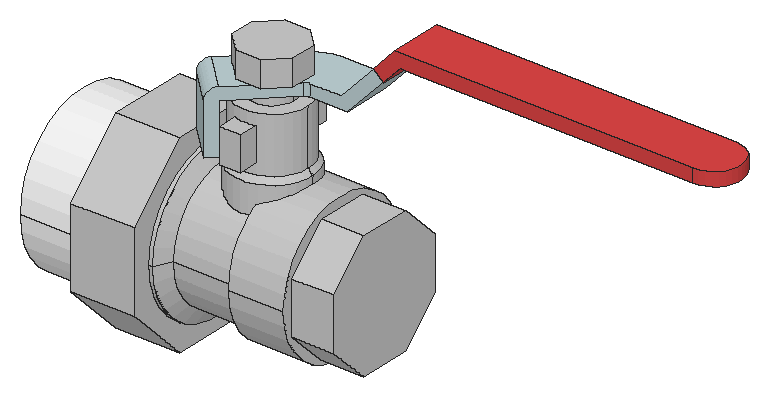
Revit family "PA_Арматура трубопроводов [кран шаровой латунный с переходом на полипропиленовую трубу VTp.742.0] - VALTEC", category Арматура трубопроводов, Revit 2019
Family settings
  Размер круглого соединителя = Использовать диаметр
  Тип детали = Клапан - Вставляется
  На основе рабочей плоскости = Нет
  Всегда вертикально = Да
  При загрузке вырезать с полостями = Нет
  Общий = Нет
Parameters (values of type "40 х 1 1/4"")
  Таблица = "PA_Арматура трубопроводов [кран шаровой латунный с переходом на полипропиленовую трубу VTp.742.0] - VALTEC"  # constant formula
  Пользовательский [instance] = no
  Manufacturer = ""
  h = size_lookup(Таблица, "h", 0 mm, D1, D2)  # 35.4 mm
  b7 = size_lookup(Таблица, "b7", 0 mm, D1, D2)  # 11.3 mm
  b6 = size_lookup(Таблица, "b6", 0 mm, D1, D2)  # 8.6 mm
  b5 = size_lookup(Таблица, "b5", 0 mm, D1, D2)  # 3.9 mm
  b4 = size_lookup(Таблица, "b4", 0 mm, D1, D2)  # 3.1 mm
  b3 = size_lookup(Таблица, "b3", 0 mm, D1, D2)  # 18.5 mm
  b2 = size_lookup(Таблица, "b2", 0 mm, D1, D2)  # 1.9 mm
  d7 = size_lookup(Таблица, "d7", 0 mm, D1, D2)  # 20.4 mm
  d6 = size_lookup(Таблица, "d6", 0 mm, D1, D2)  # 14.2 mm
  a9 = size_lookup(Таблица, "a9", 0 mm, D1, D2)  # 3.5 mm
  a7 = size_lookup(Таблица, "a7", 0 mm, D1, D2)  # 1.6 mm
  dn = size_lookup(Таблица, "dn", 0 mm, D1, D2)  # 53.4 mm
  a6 = size_lookup(Таблица, "a6", 0 mm, D1, D2)  # 2.7 mm
  a5 = size_lookup(Таблица, "a5", 0 mm, D1, D2)  # 16.1 mm
  a4 = size_lookup(Таблица, "a4", 0 mm, D1, D2)  # 3.3 mm
  a3 = size_lookup(Таблица, "a3", 0 mm, D1, D2)  # 1.3 mm
  a2 = size_lookup(Таблица, "a2", 0 mm, D1, D2)  # 18.3 mm
  a1 = size_lookup(Таблица, "a1", 0 mm, D1, D2)  # 14.4 mm
  a8 = size_lookup(Таблица, "a8", 0 mm, D1, D2)  # 21.1 mm
  b1 = size_lookup(Таблица, "b1", 0 mm, D1, D2)  # 26.6 mm
  d5 = size_lookup(Таблица, "d5", 0 mm, D1, D2)  # 23.7 mm
  d1 = size_lookup(Таблица, "d1", 0 mm, D1, D2)  # 48.4 mm
  d4 = size_lookup(Таблица, "d4", 0 mm, D1, D2)  # 26.5 mm
  d2 = size_lookup(Таблица, "d2", 0 mm, D1, D2)  # 42.9 mm
  d3 = size_lookup(Таблица, "d3", 0 mm, D1, D2)  # 52.8 mm
  S2 = size_lookup(Таблица, "S2", 0 mm, D1, D2)  # 42 mm
  D2 = 40 mm
  D1 = 32 mm
  URL = "https://valtec.ru/"
  S1 = size_lookup(Таблица, "S1", 0 mm, D1, D2)  # 64 mm
  C = size_lookup(Таблица, "C", 0 mm, D1, D2)  # 116 mm
  B = size_lookup(Таблица, "B", 0 mm, D1, D2)  # 60 mm
  ADSK_Расход жидкости [instance] = 0.0 L/s
  ADSK_Примечание [instance] = ""
  ADSK_Потеря давления жидкости [instance] = 0.0 Pa
  ADSK_Позиция [instance] = ""
  ADSK_Обозначение [instance] = "VTp.742.0"  # constant formula
  ADSK_Наименование [instance] = size_lookup(Таблица, "", "Данный типоразмер отсутствует", D1, D2)  # "Кран шаровой латунный с переходом на полипропиленовую трубу,  40 х 1 1/4\""
  Материал доп.1 = Белый - VALTEC
  ADSK_Материал = Сталь, нержавеющая - VALTEC
  ADSK_Масса [instance] = size_lookup(Таблица, "Масса", 0, D1, D2)  # 0.738
  ADSK_Марка [instance] = size_lookup(Таблица, "Маркировка", "Данный типоразмер отсутствует", D1, D2)  # "VTp.742.0"
  ADSK_Код изделия [instance] = size_lookup(Таблица, "Код продукта", "Данный типоразмер отсутствует", D1, D2)  # "VTp.742.0.04007"
  ADSK_Завод-изготовитель [instance] = "VALTEC"  # constant formula
  ADSK_Единица измерения [instance] = "шт."  # constant formula
  ADSK_URL страницы изделия = "https://valtec.ru/catalog/sistemy_polipropilenovyh_truboprovodov/armatura_dlya_polipropilenovyh_truboprovodov/kran_sharovoj_latunnyj_s_perehodom_na_polipropilenovuyu_trubu_vtp7420.html"
  ADSK_URL документации изделия = "https://valtec.ru/document/technical/VTp.742-0519.pdf"
  A = size_lookup(Таблица, "A", 0 mm, D1, D2)  # 100 mm
Types (5, lengths in mm): name | h | b7 | b6 | b5 | b4 | b3 | b2 | d7 | d6 | a9 | a7 | dn | a6 | a5 | a4 | a3 | a2 | a1 | a8 | b1 | d5 | d1 | d4 | d2 | d3 | S2 | D2 | D1 | S1 | C | B | ADSK_Наименование | ADSK_Масса | ADSK_Код изделия | A
  (no name) | 35.4 | 11.3 | 8.6 | 3.9 | 3.1 | 18.5 | 1.9 | 20.4 | 14.2 | 3.5 | 1.6 | 53.4 | 2.7 | 16.1 | 3.3 | 1.3 | 18.3 | 14.4 | 21.1 | 26.6 | 23.7 | 48.4 | 26.5 | 42.9 | 52.8 | 42 | 40 | 32 | 64 | 116 | 60 | "Кран шаровой латунный с переходом на полипропиленовую трубу,  40 х 1 1/4\"" | 0.738 | "VTp.742.0.04007" | 100
  20 х 1/2" | 20.2 | 6.8 | 5.2 | 2.4 | 1.8 | 11.1 | 1.1 | 11.7 | 8.1 | 2.3 | 1 | 26.8 | 1.7 | 10.5 | 2.2 | 0.9 | 11.9 | 9.3 | 13.7 | 16 | 13.5 | 27.6 | 15.1 | 24.5 | 30.1 | 25 | 20 | 15 | 36.5 | 91 | 36 | "Кран шаровой латунный с переходом на полипропиленовую трубу,  20 х 1/2\"" | 0.22 | "VTp.742.0.02004" | 65
  25 х 3/4" | 25.2 | 7.9 | 6 | 2.7 | 2.1 | 13 | 1.3 | 14.5 | 10.1 | 2.6 | 1.1 | 33.4 | 2 | 11.8 | 2.4 | 1 | 13.4 | 10.5 | 15.4 | 18.6 | 16.9 | 34.4 | 18.9 | 30.5 | 37.5 | 30.5 | 25 | 20 | 45.5 | 91 | 42 | "Кран шаровой латунный с переходом на полипропиленовую трубу,  25 х 3/4\"" | 0.388 | "VTp.742.0.02505" | 73
  32 х 1" | 30.7 | 9.4 | 7.2 | 3.3 | 2.5 | 15.4 | 1.6 | 17.7 | 12.3 | 2.9 | 1.3 | 42.8 | 2.2 | 13.4 | 2.8 | 1.1 | 15.2 | 11.9 | 17.5 | 22.2 | 20.6 | 42 | 23 | 37.2 | 45.8 | 37 | 32 | 25 | 55.5 | 116 | 50 | "Кран шаровой латунный с переходом на полипропиленовую трубу,  32 х 1\"" | 0.543 | "VTp.742.0.03206" | 83
  40 х 1 1/4" | 35.4 | 11.3 | 8.6 | 3.9 | 3.1 | 18.5 | 1.9 | 20.4 | 14.2 | 3.5 | 1.6 | 53.4 | 2.7 | 16.1 | 3.3 | 1.3 | 18.3 | 14.4 | 21.1 | 26.6 | 23.7 | 48.4 | 26.5 | 42.9 | 52.8 | 42 | 40 | 32 | 64 | 116 | 60 | "Кран шаровой латунный с переходом на полипропиленовую трубу,  40 х 1 1/4\"" | 0.738 | "VTp.742.0.04007" | 100
Reference planes
  plane 1 "По центру (Вперед/Назад)": y = 0
  plane 2: z = 0
  plane 3 "По центру (Влево/Вправо)": x = 0
  plane 4: x = 37.3
  plane 5: x = -62.7
  plane 6: z = -32
  plane 7: z = 32
  plane 8: y = 32
  plane 9: y = -32
  plane 10: x = -20.4
  plane 11: x = -18.8
  plane 12: x = -16.1
  plane 13: x = 22.9
  plane 14: x = 4.6
  plane 15: x = 3.3
  plane 16: x = -2.3
  plane 17: z = 26.6
  plane 18: z = 28.5
  plane 19: z = 47
  plane 20: z = 50.1
  plane 21: z = 54
  plane 22: z = 62.6
  plane 23: z = 43.3
  plane 24 "a8-l": x = -3.5
  plane 25 "a8-r": x = 3.5
  plane 26: y = -17.7
  plane 27: y = 17.7
  plane 28: x = -41.5
Forms (mm)
  Extrusion 1, solid, material "Белый - VALTEC" <- "Материал доп.1", detail levels medium+fine
    sketch origin (0, 0, 0) x (0, 1, 0) y (0, 0, 1)
      loop
        circle (0, 0) r 26.7
    from -41.5 to -62.7
  Extrusion 2, solid, material "Сталь, нержавеющая - VALTEC" <- "ADSK_Материал", detail levels medium+fine
    sketch origin (0, 0, 0) x (0, 1, 0) y (0, 0, 1)
      loop
        circle (0, 0) r 26.4
    from -20.4 to -18.8
  Extrusion 3, solid, material "Сталь, нержавеющая - VALTEC" <- "ADSK_Материал", detail levels medium+fine
    sketch origin (0, 0, 0) x (0, 1, 0) y (0, 0, 1)
      loop
        circle (0, 0) r 24.2
    from 4.6 to 22.9
  Blend 4, solid, material "Сталь, нержавеющая - VALTEC" <- "ADSK_Материал", detail levels medium+fine
    base sketch origin (0, 0, 0) x (0, 1, 0) y (0, 0, 1)
      loop
        circle (0, 0) r 26.4
    top sketch origin (0, 0, 0) x (0, 1, 0) y (0, 0, 1)
      loop
        circle (0, 0) r 21.45
    from -18.8 to -16.1
  Blend 5, solid, material "Сталь, нержавеющая - VALTEC" <- "ADSK_Материал", detail levels medium+fine
    base sketch origin (0, 0, 0) x (0, 1, 0) y (0, 0, -1)
      loop
        circle (0, 0) r 21.45
    top sketch origin (0, 0, 0) x (0, 1, 0) y (0, 0, -1)
      loop
        circle (0, 0) r 24.2
    from -3.3 to -4.6
  Extrusion 6, solid, material "Сталь, нержавеющая - VALTEC" <- "ADSK_Материал", detail levels medium+fine
    sketch origin (0, 0, 0) x (0, 1, 0) y (0, 0, 1)
      loop
        circle (0, 0) r 21.45
    from -16.1 to 3.3
  Extrusion 7, solid, material "Сталь, нержавеющая - VALTEC" <- "ADSK_Материал", detail levels medium+fine
    sketch origin (0, 0, 0) x (1, 0, 0) y (0, 1, 0)
      loop
        circle (0, 0) r 13.25
    from 0 to 26.6
  Blend 8, solid, material "Сталь, нержавеющая - VALTEC" <- "ADSK_Материал", detail levels medium+fine
    base sketch origin (0, 0, 0) x (1, 0, 0) y (0, 1, 0)
      loop
        circle (0, 0) r 13.25
    top sketch origin (0, 0, 0) x (1, 0, 0) y (0, 1, 0)
      loop
        circle (0, 0) r 11.85
    from 26.6 to 28.5
  Extrusion 9, solid, material "Сталь, нержавеющая - VALTEC" <- "ADSK_Материал", detail levels medium+fine
    sketch origin (0, 0, 0) x (1, 0, 0) y (0, 1, 0)
      loop
        circle (0, 0) r 11.85
    from 28.5 to 47
  Extrusion 10, solid, material "Сталь, нержавеющая - VALTEC" <- "ADSK_Материал", detail levels medium+fine
    sketch origin (0, 0, 0) x (1, 0, 0) y (0, 1, 0)
      loop
        circle (0, 0) r 7.1
    from 47 to 50.1
  Extrusion 11, solid, material "Сталь, нержавеющая - VALTEC" <- "ADSK_Материал", detail levels medium+fine
    sketch origin (0, 0, 0) x (1, 0, 0) y (0, 0, 1)
      loop
        line (-3.5, 43.3) -> (-3.5, 32) -> (3.5, 32) -> (3.5, 43.3) -> (-3.5, 43.3)
    from -17.7 to 17.7
Cuts and joins
  joined: Extrusion 2, Extrusion 3, Blend 4, Blend 5, Extrusion 6, Extrusion 7, Blend 8, Extrusion 9, Extrusion 10, Extrusion 11
Lines and regions (mm)
  model lines, detail levels coarse
    curve 1: line (37.3, -32, 0) -> (-62.7, 32, 0)
    curve 2: line (37.3, 32, 0) -> (-62.7, -32, 0)
    curve 3: line (-62.7, 32, 0) -> (-62.7, -32, 0)
    curve 4: line (37.3, 32, 0) -> (37.3, -32, 0)
  symbolic lines, detail levels coarse
    curve 5: line (37.3, 0, -32) -> (-62.7, 0, 32)
    curve 6: line (37.3, 0, 32) -> (-62.7, 0, -32)
    curve 7: line (-62.7, 0, -32) -> (-62.7, 0, 32)
    curve 8: line (37.3, 0, -32) -> (37.3, 0, 32)
  reference lines
    curve 9: line (-62.7, 0, 0) -> (37.3, 0, 0)
Dimensions and locks
  equal spacing: plane 8, plane 1 "По центру (Вперед/Назад)", plane 9
  "S1": plane 8 to plane 9
  "A": plane 5 to plane 4
  equal spacing: plane 7, plane 2, plane 6
  "S1": plane 7 to plane 6
  "b2": plane 18 to plane 17
  "b3": plane 19 to plane 18
  "b4": plane 20 to plane 19
  "b5": plane 21 to plane 20
  "b6": plane 22 to plane 21
  "b1": plane 17 to plane 2
  "a9": plane 24 "a8-l" to plane 3 "По центру (Влево/Вправо)"
  "a9": plane 3 "По центру (Влево/Вправо)" to plane 25 "a8-r"
  equal spacing: plane 26, plane 1 "По центру (Вперед/Назад)", plane 27
  "h": plane 26 to plane 27
  "b7": plane 23 to plane 7
  "a1": plane 13 to plane 4
  "a2": plane 13 to plane 14
  "a3": plane 14 to plane 15
  "a6": plane 11 to plane 12
  "a7": plane 10 to plane 11
  "a5": plane 3 "По центру (Влево/Вправо)" to plane 12
  "a8": plane 28 to plane 10
  "a4": plane 15 to plane 3 "По центру (Влево/Вправо)"
  "dn": diameter of Extrusion 1 sketch curve
  "d3": diameter of Extrusion 2 sketch curve
  "d1": diameter of Extrusion 3 sketch curve
  "d3": diameter of Blend 4 sketch curve
  "d2": diameter of Blend 4 sketch curve
  "d2": diameter of Blend 5 sketch curve
  "d1": diameter of Blend 5 sketch curve
  "d2": diameter of Extrusion 6 sketch curve
  "d4": diameter of Extrusion 7 sketch curve
  "d4": diameter of Blend 8 sketch curve
  "d5": diameter of Blend 8 sketch curve
  "d5": diameter of Extrusion 9 sketch curve
  "d6": diameter of Extrusion 10 sketch curve
  aligned and locked: level to plane 2
  aligned and locked: plane 2 to Extrusion 1 sketch curve
  aligned and locked: plane 1 "По центру (Вперед/Назад)" to Extrusion 1 sketch curve
  aligned and locked: nested 2 to plane 1 "По центру (Вперед/Назад)"
  aligned and locked: plane 2 to nested 2
  aligned and locked: plane 2 to nested 1
  aligned and locked: nested 1 to plane 1 "По центру (Вперед/Назад)"
  aligned and locked: plane 2 to Extrusion 2 sketch curve
  aligned and locked: plane 1 "По центру (Вперед/Назад)" to Extrusion 2 sketch curve
  aligned and locked: plane 2 to Extrusion 3 sketch curve
  aligned and locked: plane 1 "По центру (Вперед/Назад)" to Extrusion 3 sketch curve
  aligned and locked: plane 2 to Blend 4 sketch curve  (x2)
  aligned and locked: plane 1 "По центру (Вперед/Назад)" to Blend 4 sketch curve  (x2)
  aligned and locked: plane 2 to Blend 5 sketch curve  (x2)
  aligned and locked: plane 1 "По центру (Вперед/Назад)" to Blend 5 sketch curve  (x2)
  aligned and locked: plane 2 to Extrusion 6 sketch curve
  aligned and locked: plane 1 "По центру (Вперед/Назад)" to Extrusion 6 sketch curve
  aligned and locked: plane 1 "По центру (Вперед/Назад)" to Extrusion 7 sketch curve
  aligned and locked: plane 3 "По центру (Влево/Вправо)" to Extrusion 7 sketch curve
  aligned and locked: Extrusion 7 to plane 2
  aligned and locked: Extrusion 7 to plane 17
  aligned and locked: plane 1 "По центру (Вперед/Назад)" to Blend 8 sketch curve  (x2)
  aligned and locked: plane 3 "По центру (Влево/Вправо)" to Blend 8 sketch curve  (x2)
  aligned and locked: plane 1 "По центру (Вперед/Назад)" to Extrusion 9 sketch curve
  aligned and locked: plane 3 "По центру (Влево/Вправо)" to Extrusion 9 sketch curve
  aligned and locked: plane 17 to Blend 8
  aligned and locked: Blend 8 to plane 18
  aligned and locked: plane 18 to Extrusion 9
  aligned and locked: Extrusion 9 to plane 19
  aligned and locked: plane 1 "По центру (Вперед/Назад)" to Extrusion 10 sketch curve
  aligned and locked: plane 3 "По центру (Влево/Вправо)" to Extrusion 10 sketch curve
  aligned and locked: plane 19 to Extrusion 10
  aligned and locked: Extrusion 10 to plane 20
  aligned and locked: plane 1 "По центру (Вперед/Назад)" to nested 3
  aligned and locked: plane 3 "По центру (Влево/Вправо)" to nested 3
  aligned and locked: plane 21 to nested 3
  aligned and locked: plane 25 "a8-r" to Extrusion 11 sketch curve
  aligned and locked: plane 23 to Extrusion 11 sketch curve
  aligned and locked: Extrusion 11 sketch curve to plane 24 "a8-l"
  aligned and locked: plane 27 to Extrusion 11
  aligned and locked: plane 26 to Extrusion 11
  aligned and locked: plane 7 to cut or joined group 1 (Extrusion 2, Extrusion 3, Blend 4, Blend 5, Extrusion 6, Extrusion 7, Blend 8, Extrusion 9, Extrusion 10, Extrusion 11)
  aligned and locked: plane 9 to curve 1
  aligned and locked: plane 4 to curve 1
  aligned and locked: plane 4 to curve 2
  aligned and locked: plane 8 to curve 2
  aligned and locked: plane 5 to curve 1
  aligned and locked: plane 8 to curve 1
  aligned and locked: plane 5 to curve 2
  aligned and locked: plane 9 to curve 2
  aligned and locked: nested 2 to plane 4
  aligned and locked: Extrusion 1 to plane 28
  aligned and locked: plane 5 to Extrusion 1
  aligned and locked: cut or joined group 1 to plane 11
  aligned and locked: plane 10 to cut or joined group 1
  aligned and locked: plane 28 to nested 1
  aligned and locked: plane 11 to cut or joined group 1
  aligned and locked: cut or joined group 1 to plane 12
  aligned and locked: plane 12 to cut or joined group 1
  aligned and locked: plane 15 to cut or joined group 1
  aligned and locked: cut or joined group 1 to plane 15
  aligned and locked: plane 14 to cut or joined group 1
  aligned and locked: cut or joined group 1 to plane 14
  aligned and locked: plane 13 to cut or joined group 1
  aligned and locked: plane 1 "По центру (Вперед/Назад)" to nested 4
  aligned and locked: plane 3 "По центру (Влево/Вправо)" to nested 4
  aligned and locked: nested 4 to plane 21
  aligned and locked: plane 7 to curve 5
  aligned and locked: plane 5 to curve 5
  aligned and locked: plane 4 to curve 5
  aligned and locked: plane 6 to curve 5
  aligned and locked: plane 4 to curve 6
  aligned and locked: plane 6 to curve 7
  aligned and locked: curve 7 to plane 5
  aligned and locked: plane 7 to curve 8
  aligned and locked: plane 5 to curve 9
  aligned and locked: plane 4 to curve 9
  aligned and locked: curve 9 to plane 2
Automatic sketch dimensions
  plane 25 "a8-r" to Extrusion 11 sketch curve = 0 mm
  Extrusion 11 sketch curve to plane 18 = 3.5 mm
Nested families
  nested 1: "Гайка - горизонталь" at (-30.95, 0, 0) x (1, 0, 0) z (0, 0.9239, 0.3827), d <- "S1", l <- "a8", ADSK_Материал <- "ADSK_Материал", type "Гайка - горизонталь", detail levels medium+fine
    with l2 16.88 mm, l 21.1 mm, d2 51.2 mm, d 64 mm, ADSK_Материал Сталь, нержавеющая - VALTEC
  nested 2: "Гайка - горизонталь" at (30.1, 0, 0) x (1, 0, 0) z (0, 0.9239, 0.3827), d <- "S2", l <- "a1", ADSK_Материал <- "ADSK_Материал", type "Гайка - горизонталь", detail levels medium+fine
    with l2 11.52 mm, l 14.4 mm, d2 33.6 mm, d 42 mm, ADSK_Материал Сталь, нержавеющая - VALTEC
  nested 3: "Гайка - вертикаль" at (0, 0, 54) x (0.3827, 0.9239, 0) z (0, 0, 1), ADSK_Материал <- "ADSK_Материал", d <- "d7", h <- "b6", type "Гайка - вертикаль", detail levels medium+fine
    with h 8.6 mm, d 20.4 mm, ADSK_Материал Сталь, нержавеющая - VALTEC
  nested 4: "Ручка VALTEC" at (0, 0, 49.9), d1 <- "D1", d2 <- "D2", type "Ручка", detail levels medium+fine
    with r3 8.85 mm, r2 11.6 mm, r1 35.7 mm, l7 97.5 mm, l6 5.7 mm, l5 12.6 mm, l4 3.1 mm, l3 21.8 mm, l2 7.2 mm, l1 14.9 mm, h2 16.9 mm, h1 19.9 mm, d2 40 mm, d1 32 mm, b4 4.5 mm, b3 4.1 mm, b2 17.7 mm, b1 16.1 mm
Connectors
  piping at (-62.7, 0, 0), diameter 40, driven by "D2", driven by "ADSK_Расход жидкости", driven by "ADSK_Потеря давления жидкости"
    settings: on curve 9, index 1, connector inside diameter 609.6 mm, connector length 0 mm, flow factor 0, pipe flow 0.0 L/s, pressure drop 0.0 Pa, fitting loss kfactor 0, connector angle 0.00°, fixture units 0, engagement length 0 mm, angle of deflection 0.00°, flow configuration 0, flow direction 0, fitting loss method 4, system type 29, joint type 0, gender type 0, connector reference index 2, connector utility 0, adjustable connector no, is connector primary yes, connector description ""
  piping at (37.3, 0, 0), diameter 32, driven by "D1", driven by "ADSK_Расход жидкости"
    settings: on curve 9, index 2, connector inside diameter 609.6 mm, connector length 0 mm, flow factor 0, pipe flow 0.0 L/s, pressure drop 0.0 Pa, fitting loss kfactor 0, connector angle 0.00°, fixture units 0, engagement length 0 mm, angle of deflection 0.00°, flow configuration 0, flow direction 0, fitting loss method 0, system type 29, joint type 0, gender type 0, connector reference index 1, connector utility 0, adjustable connector no, is connector primary no, connector description ""
Definition of nested family "Гайка - горизонталь"
  Parameters (values of type "Гайка - горизонталь")
    l2 [instance] = l * 80 / 100  # 509.92 mm
    d2 [instance] = d * 80 / 100  # 471.105 mm
    d [instance] = 588.881 mm
    l [instance] = 637.4 mm
    ADSK_Материал [instance] = none
  Reference planes
    plane 1 "По центру (Вперед/Назад)": y = 0
    plane 2: z = 0
    plane 3 "По центру (Влево/Вправо)": x = 0
    plane 4: y = 294.44
    plane 5: y = -294.44
    plane 6: through (0, -912.519, 2972.425) normal (0, -0.9239, -0.3827)
    plane 7: through (0, -1234.338, 2979.956) normal (0, -0.9239, -0.3827)
    plane 8: through (0, -1556.157, 2987.486) normal (0, -0.9239, -0.3827)
    plane 9: through (0, 1234.338, 2979.956) normal (0, -0.9239, 0.3827)
    plane 10: through (0, -2420.114, 1321.144) normal (0, -0.3827, -0.9239)
    plane 11: through (0, -2532.792, 1049.117) normal (0, -0.3827, -0.9239)
    plane 12: through (0, -2645.469, 777.089) normal (0, -0.3827, -0.9239)
    plane 13: through (0, 2420.114, 1321.144) normal (0, -0.3827, 0.9239)
    plane 14: through (0, 2532.792, 1049.117) normal (0, -0.3827, 0.9239)
    plane 15: through (0, 2645.469, 777.089) normal (0, -0.3827, 0.9239)
    plane 16: through (0, 912.519, 2972.425) normal (0, -0.9239, 0.3827)
    plane 17: through (0, 1234.338, 2979.956) normal (0, -0.9239, 0.3827)
    plane 18: through (0, 1556.157, 2987.486) normal (0, -0.9239, 0.3827)
    plane 19: x = 318.7
    plane 20: x = -318.7
  Forms (mm)
    Extrusion 1, solid, material <- "ADSK_Материал"
      sketch origin (0, 0, 0) x (0, 1, 0) y (0, 0, 1)
        loop
          line (0, 318.7) -> (-225.355, 225.355) -> (-318.7, 0) -> (-225.355, -225.355) -> (0, -318.7) -> (225.355, -225.355) -> (318.7, 0) -> (225.355, 225.355) -> (0, 318.7)
      from -318.7 to 318.7
  Lines and regions (mm)
    reference lines
      curve 1: line (0, -112.677, -272.027) -> (0, 112.677, 272.027)
      curve 2: line (0, -272.027, 112.677) -> (0, 272.027, -112.677)
      curve 3: line (-254.96, 0, 0) -> (254.96, 0, 0)
      curve 4: line (-318.7, 235.552, 0) -> (-318.7, -235.552, 0)
  Dimensions and locks
    equal spacing: plane 4, plane 1 "По центру (Вперед/Назад)", plane 5
    "d": plane 4 to plane 5
    equal spacing: plane 8, plane 7, plane 6
    "d": plane 8 to plane 6
    equal spacing: plane 12, plane 11, plane 10
    "d": plane 12 to plane 10
    equal spacing: plane 15, plane 14, plane 13
    "d": plane 15 to plane 13
    equal spacing: plane 18, plane 17, plane 16
    "d": plane 18 to plane 16
    equal spacing: plane 20, plane 3 "По центру (Влево/Вправо)", plane 19
    "l": plane 20 to plane 19
    equal spacing: curve 3, plane 3 "По центру (Влево/Вправо)", curve 3
    "l2": curve 3 to curve 3
    equal spacing: curve 4, plane 1 "По центру (Вперед/Назад)", curve 4
    "d2": curve 4 to curve 4
    aligned and locked: level to plane 2
    aligned and locked: plane 10 to Extrusion 1 sketch curve
    aligned and locked: plane 13 to Extrusion 1 sketch curve
    aligned and locked: plane 16 to Extrusion 1 sketch curve
    aligned and locked: Extrusion 1 sketch curve to plane 8
    aligned and locked: Extrusion 1 sketch curve to plane 12
    aligned and locked: Extrusion 1 sketch curve to plane 15
    aligned and locked: Extrusion 1 sketch curve to plane 18
    aligned and locked: plane 6 to Extrusion 1 sketch curve
    aligned and locked: plane 19 to Extrusion 1
    aligned and locked: plane 20 to Extrusion 1
    aligned and locked: Extrusion 1 to plane 19
    aligned and locked: plane 16 to curve 2
    aligned and locked: plane 18 to curve 2
    aligned and locked: curve 2 to plane 11
    aligned and locked: plane 12 to curve 1
    aligned and locked: plane 10 to curve 1
    aligned and locked: curve 1 to plane 17
    aligned and locked: plane 1 "По центру (Вперед/Назад)" to curve 3
    aligned and locked: plane 20 to curve 4
Definition of nested family "Гайка - вертикаль"
  Parameters (values of type "Гайка - вертикаль")
    h [instance] = 7.5 mm
    d [instance] = 11.918 mm
    ADSK_Материал [instance] = none
  Reference planes
    plane 1 "По центру (Вперед/Назад)": y = 0
    plane 2: z = 0
    plane 3 "По центру (Влево/Вправо)": x = 0
    plane 4: x = -6.45
    plane 5: x = 6.45
    plane 6: through (737.894, 1797.006, 1200) normal (0.9239, -0.3827, 0)
    plane 7: through (765.367, 1847.759, 1200) normal (0.9239, -0.3827, 0)
    plane 8: through (792.839, 1898.512, 1200) normal (0.9239, -0.3827, 0)
    plane 9: through (-737.894, 1797.006, 1200) normal (0.9239, 0.3827, 0)
    plane 10: through (-765.367, 1847.759, 1200) normal (0.9239, 0.3827, 0)
    plane 11: through (-792.839, 1898.512, 1200) normal (0.9239, 0.3827, 0)
    plane 12: through (1845.479, 770.872, 1200) normal (0.3827, -0.9239, 0)
    plane 13: through (1847.759, 765.367, 1200) normal (0.3827, -0.9239, 0)
    plane 14: through (1850.039, 759.861, 1200) normal (0.3827, -0.9239, 0)
    plane 15: through (-1845.479, 770.872, 1200) normal (0.3827, 0.9239, 0)
    plane 16: through (-1847.759, 765.367, 1200) normal (0.3827, 0.9239, 0)
    plane 17: through (-1850.039, 759.861, 1200) normal (0.3827, 0.9239, 0)
    plane 18: z = 7.5
  Forms (mm)
    Extrusion 1, solid, material <- "ADSK_Материал"
      sketch origin (0, 0, 0) x (1, 0, 0) y (0, 1, 0)
        loop
          line (0, 6.45) -> (-4.561, 4.561) -> (-6.45, 0) -> (-4.561, -4.561) -> (0, -6.45) -> (4.561, -4.561) -> (6.45, 0) -> (4.561, 4.561) -> (0, 6.45)
      from 0 to 7.5
  Lines and regions (mm)
    reference lines
      curve 1: line (-5.505, -2.28, 0) -> (5.505, 2.28, 0)
      curve 2: line (-2.28, 5.505, 0) -> (2.28, -5.505, 0)
  Dimensions and locks
    equal spacing: plane 4, plane 3 "По центру (Влево/Вправо)", plane 5
    locked: plane 4 to plane 5 at 12.9
    equal spacing: plane 6, plane 7, plane 8
    "d": plane 6 to plane 8
    equal spacing: plane 9, plane 10, plane 11
    "d": plane 9 to plane 11
    equal spacing: plane 12, plane 13, plane 14
    "d": plane 12 to plane 14
    equal spacing: plane 15, plane 16, plane 17
    "d": plane 15 to plane 17
    "h": plane 18 to plane 2
    aligned and locked: level to plane 2
    aligned and locked: plane 12 to Extrusion 1 sketch curve
    aligned and locked: plane 15 to Extrusion 1 sketch curve
    aligned and locked: plane 9 to Extrusion 1 sketch curve
    aligned and locked: Extrusion 1 sketch curve to plane 8
    aligned and locked: Extrusion 1 sketch curve to plane 14
    aligned and locked: Extrusion 1 sketch curve to plane 17
    aligned and locked: Extrusion 1 sketch curve to plane 11
    aligned and locked: plane 6 to Extrusion 1 sketch curve
    aligned and locked: plane 18 to Extrusion 1
    aligned and locked: plane 12 to curve 2
    aligned and locked: plane 14 to curve 2
    aligned and locked: plane 9 to curve 1
    aligned and locked: plane 11 to curve 1
    aligned and locked: curve 1 to plane 13
    aligned and locked: curve 2 to plane 10
Definition of nested family "Ручка VALTEC"
  Parameters (values of type "Ручка")
    материал 2 = none
    материал 1 = none
    Таблица = "Ручка VALTEC"  # constant formula
    Manufacturer = "VALTEC"  # constant formula
    r3 [instance] = b2 / 2  # 6.05 mm
    r2 [instance] = size_lookup(Таблица, "r2", 0 mm, d1, d2)  # 7 mm
    r1 [instance] = size_lookup(Таблица, "r1", 0 mm, d1, d2)  # 21.5 mm
    l7 [instance] = size_lookup(Таблица, "l7", 0 mm, d1, d2)  # 57.6 mm
    l6 [instance] = size_lookup(Таблица, "l6", 0 mm, d1, d2)  # 4.6 mm
    l5 [instance] = size_lookup(Таблица, "l5", 0 mm, d1, d2)  # 7.6 mm
    l4 [instance] = size_lookup(Таблица, "l4", 0 mm, d1, d2)  # 2.1 mm
    l3 [instance] = size_lookup(Таблица, "l3", 0 mm, d1, d2)  # 13.2 mm
    l2 [instance] = size_lookup(Таблица, "l2", 0 mm, d1, d2)  # 4.4 mm
    l1 [instance] = size_lookup(Таблица, "l1", 0 mm, d1, d2)  # 9 mm
    h2 [instance] = size_lookup(Таблица, "h2", 0 mm, d1, d2)  # 10.7 mm
    h1 [instance] = size_lookup(Таблица, "h1", 0 mm, d1, d2)  # 10 mm
    d1 [instance] = 15 mm
    d2 [instance] = 20 mm
    b4 [instance] = size_lookup(Таблица, "b4", 0 mm, d1, d2)  # 3.5 mm
    b2 [instance] = size_lookup(Таблица, "b2", 0 mm, d1, d2)  # 12.1 mm
    b1 [instance] = size_lookup(Таблица, "b1", 0 mm, d1, d2)  # 10.5 mm
    b3 [instance] = size_lookup(Таблица, "b3", 0 mm, d1, d2)  # 2.5 mm
    URL = "https://valtec.ru/"
    ADSK_URL страницы изделия = ""
    ADSK_URL документации изделия = ""
  Reference planes
    plane 1 "По центру (Вперед/Назад)": y = 0
    plane 2: z = 0
    plane 3 "По центру (Влево/Вправо)": x = 0
    plane 4: x = 13.2
    plane 5: through (-1414.214, 1414.214, 1200) normal (0.7071, 0.7071, 0)
    plane 6: through (-1420.578, 1407.85, 1200) normal (0.7071, 0.7071, 0)
    plane 7: through (-1411.102, 1417.325, 1200) normal (0.7071, 0.7071, 0)
    plane 8: y = 5.25
    plane 9: through (1414.214, 1414.214, 1200) normal (0.7071, -0.7071, 0)
    plane 10: through (1410.501, 1417.926, 1200) normal (0.7071, -0.7071, 0)
    plane 11: through (1417.926, 1410.501, 1200) normal (0.7071, -0.7071, 0)
    plane 12: x = 15.3
    plane 13: y = 10.5
    plane 14: through (-1422.345, 1406.082, 1200) normal (0.7071, 0.7071, 0)
    plane 15: x = 27.5
    plane 16: x = 85.1
    plane 17: z = 10
    plane 18: z = 2.5
    plane 19: z = 12.5
    plane 20: x = 22.9
    plane 21: y = 11.3
    plane 22: y = -0.8
    plane 23: z = 11.25
    plane 24: z = 13
    plane 25: z = 9.5
    plane 26: x = 83.1
    plane 27: z = -10.7
  Forms (mm)
    Sweep 1, solid, material <- "материал 1"
      path origin (0, 0, 0) x (1, 0, 0) y (0, 0, 1)
        loop
          line (13.2, 0) -> (15.3, 0) -> (27.5, 10)
      profile origin (13.2, 0, 0) x (0, 0, 1) y (0, -1, 0)
        loop
          line (2.5, -10.5) -> (2.5, 0) -> (0, 0) -> (0, -10.5) -> (2.5, -10.5)
    Sweep 2, solid, material <- "материал 2"
      path origin (0, 0, 0) x (1, 0, 0) y (0, 0, 1)
        loop
          line (85.1, 10) -> (27.5, 10) -> (22.9, 6.23)
      profile origin (56.3, 0, 10) x (0, 0, -1) y (0, -1, 0)
        loop
          line (-3, -11.3) -> (0.5, -11.3) -> (0.5, 0.8) -> (-3, 0.8) -> (-3, -11.3)
    Extrusion 3, solid, material <- "материал 2"
      sketch origin (0, 0, 0) x (1, 0, 0) y (0, 1, 0)
        loop
          line (83.1, 11.3) -> (83.1, -0.8) -> (85.1, -0.8)
          arc (85.1, -0.8) -> (91.15, 5.25) -> (85.1, 11.3) r 6.05
          line (85.1, 11.3) -> (83.1, 11.3)
      from 9.5 to 13
    Extrusion 4, solid, material <- "материал 1"
      sketch origin (1414.214, 1414.214, 1200) x (0.707107, 0.707107, 0) y (0, 0, -1)
        loop
          arc (-2011.5, 1200) -> (-2010.768, 1198.232) -> (-2009, 1197.5) r 2.5
          line (-2009, 1197.5) -> (-2009, 1210.7) -> (-2011.5, 1210.7) -> (-2011.5, 1200)
      from -5.25 to 5.25
    Extrusion 5, solid, material <- "материал 1"
      sketch origin (0, 0, 0) x (1, 0, 0) y (0, 1, 0)
        loop
          arc (6.653, -0.772) -> (7.508, -0.201) -> (8.516, 0) r 2.635
          line (8.516, 0) -> (13.2, 0) -> (13.2, 10.5) -> (6.811, 10.5)
          arc (6.811, 10.5) -> (3.36, 9.814) -> (0.434, 7.859) r 9.018
          line (0.434, 7.859) -> (-10.076, -2.652) -> (-2.652, -10.076) -> (6.653, -0.772)
      from 0 to 2.5
  Cuts and joins
    joined: Sweep 1, Extrusion 4, Extrusion 5
    joined: Sweep 2, Extrusion 3
  Dimensions and locks
    "l1": plane 5 to plane 6
    "l2": plane 7 to plane 5
    "l3": plane 3 "По центру (Влево/Вправо)" to plane 4
    equal spacing: plane 11, plane 9, plane 10
    "b1": plane 11 to plane 10
    "l4": plane 4 to plane 12
    "b1": plane 1 "По центру (Вперед/Назад)" to plane 13
    "b3": plane 6 to plane 14
    "l7": plane 15 to plane 16
    "h1": plane 17 to plane 2
    "b3": plane 18 to plane 2
    "b3": plane 19 to plane 17
    "l5": plane 12 to plane 20
    "l6": plane 20 to plane 15
    equal spacing: plane 1 "По центру (Вперед/Назад)", plane 8, plane 13
    equal spacing: plane 21, plane 8, plane 22
    "b2": plane 22 to plane 21
    equal spacing: plane 19, plane 23, plane 17
    equal spacing: plane 24, plane 23, plane 25
    "b4": plane 24 to plane 25
    locked: plane 26 to plane 16 at 2
    "h2": plane 2 to plane 27
    "r3": radius of Extrusion 3 sketch curve
    "b3": radius of Extrusion 4 sketch curve
    aligned and locked: level to plane 2
    aligned and locked: level to Sweep 1 sketch curve  (x2)
    aligned and locked: plane 4 to Sweep 1 sketch curve
    aligned and locked: plane 12 to Sweep 1 sketch curve
    aligned and locked: Sweep 1 sketch curve to level
    aligned and locked: Sweep 1 sketch curve to plane 18
    aligned and locked: Sweep 1 sketch curve to plane 1 "По центру (Вперед/Назад)"
    aligned and locked: Sweep 1 sketch curve to plane 13
    aligned and locked: plane 17 to Sweep 1 sketch curve
    aligned and locked: plane 15 to Sweep 1 sketch curve
    aligned and locked: plane 15 to Sweep 2 sketch curve
    aligned and locked: plane 16 to Sweep 2 sketch curve
    aligned and locked: plane 20 to Sweep 2 sketch curve
    aligned and locked: plane 17 to Sweep 2 sketch curve  (x2)
    aligned and locked: cut or joined group of Sweep 1, Extrusion 4, Extrusion 5 to Sweep 2 sketch curve
    aligned and locked: plane 24 to Sweep 2 sketch curve
    aligned and locked: Sweep 2 sketch curve to plane 21
    aligned and locked: plane 25 to Sweep 2 sketch curve
    aligned and locked: Sweep 2 sketch curve to plane 22
    aligned and locked: Extrusion 3 to plane 24
    aligned and locked: Extrusion 3 to plane 25
    aligned and locked: plane 16 to Extrusion 3 sketch curve  (x2)
    aligned and locked: plane 22 to Extrusion 3 sketch curve
    aligned and locked: Extrusion 3 sketch curve to plane 21
    aligned and locked: Extrusion 3 sketch curve to plane 26
    aligned and locked: plane 18 to Extrusion 4 sketch curve
    aligned and locked: Extrusion 4 sketch curve to plane 27
    aligned and locked: plane 6 to Extrusion 4 sketch curve
    aligned and locked: Extrusion 4 sketch curve to plane 14
    aligned and locked: level to Extrusion 4 sketch curve
    aligned and locked: plane 11 to Extrusion 4
    aligned and locked: plane 10 to Extrusion 4
    aligned and locked: plane 6 to Extrusion 5 sketch curve
    aligned and locked: Extrusion 5 sketch curve to plane 1 "По центру (Вперед/Назад)"
    aligned and locked: Extrusion 5 sketch curve to plane 4
    aligned and locked: Extrusion 5 sketch curve to plane 10
    aligned and locked: plane 13 to Extrusion 5 sketch curve
    aligned and locked: Extrusion 5 sketch curve to plane 11
    aligned and locked: Extrusion 5 to level
    aligned and locked: plane 18 to Extrusion 5
  Automatic sketch dimensions
    plane 1 "По центру (Вперед/Назад)" to Sweep 2 sketch curve = 0.8 mm
    plane 3 "По центру (Влево/Вправо)" to Extrusion 5 sketch curve = 0.434 mm
    Extrusion 5 sketch curve to plane 22 = 0.028 mm
    plane 22 to Extrusion 5 sketch curve = 1.835 mm
    Extrusion 5 sketch curve to plane 8 = 3.768 mm
